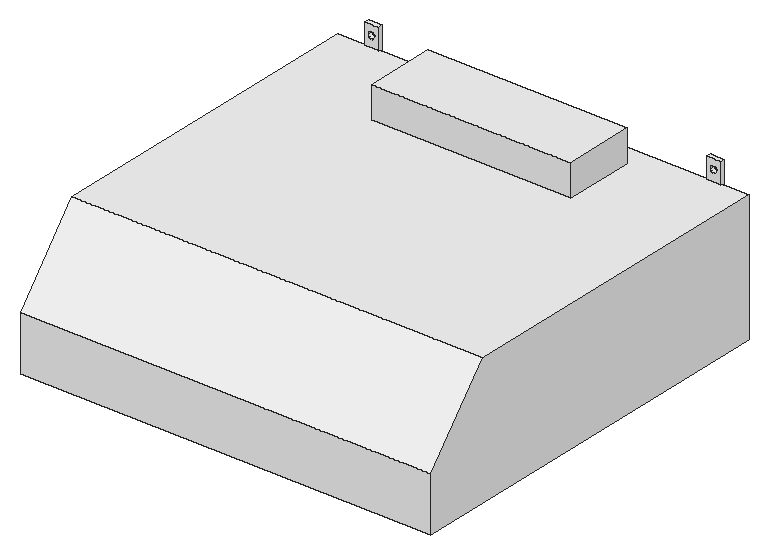
Revit family "v-316ky7_50Hz", category 機械設備, Revit 2019
Family settings
  丸型コネクタ寸法 = 直径を使用
  パーツ タイプ = 標準
  OmniClass 番号 = 23.75.35.17.27
  OmniClass タイトル = Centrifugal Fans
  作業面ベース = いいえ
  常に垂直 = はい
  ロード時にボイドで切り取り = いいえ
  共有 = いいえ
  部屋計算ポイント = いいえ
Parameters (values of type "V-316KY7")
  騒音レベル(dB(A)) = 46.5
  風量 = 590.0 m³/h
  電源種別 [instance] = ""
  電圧 = 100 V
  電動機出力 = 0 W
  電動機_種別 = ""
  集中コントローラ = ""
  運転質量 = 0.00 kg
  連動 [instance] = ""
  質量 = if(製品質量 > 運転質量, 製品質量, 運転質量) * 1.2  # 14.40 kg
  負荷分類 = 3_ファン類
  説明 = "レンジフードファン 浅形 標準タイプ"
  設計風量 = 0.0 m³/h
  設置方法 = "天吊"
  記号 [instance] = ""
  製造元 = "三菱電機株式会社"
  製品質量 = 12.00 kg
  製品出荷対象 = "国内"
  製品リリース年月 = "2022年6月1日"
  製品グループ = ""
  系統 [instance] = ""
  符号 = if(☑給気／□排気, "FS", "FE")  # "FE"
  積算_科目 = "2 換気設備"
  積算_拾い区分 [instance] = ""
  相 = 1
  盤記号 [instance] = ""
  発停方法 [instance] = ""
  特殊仕様 [instance] = ""
  火災停止 [instance] = ""
  消費電力 = 72 W
  法定耐用年数 = "15"
  機外静圧_排気 = 210.0 Pa
  機外静圧 = 0.0 Pa
  極数 = 2
  材質 [instance] = ""
  操作・制御方式 = ""
  操作・制御スイッチ = ""
  排気量 = 0.0 m³/h
  形式 = "片吸込形"
  幹線記号 [instance] = ""
  対象室 [instance] = ""
  実風量 = 0.0 m³/h
  始動方式 [instance] = "直入"
  天吊用穴_D3 = 336 mm
  天吊用穴_D2 = 310 mm
  天吊用穴_D1 = 15 mm
  天吊用穴_ピッチ = 500 mm
  外気量 = 0.0 m³/h
  呼称 = "遠心送風機"
  周波数 = 50 Hz
  取付金具_穴位置 = 16 mm
  取付金具_径 = 10 mm
  取付金具_ピッチ = 500 mm
  取付金具_H = 30 mm
  取付金具_Depth = 6 mm
  参照している仕様書等のバージョン = ""
  分類コード = "50052503100060"
  分類グループ = ""
  価格 = 61700
  企業コード = "108420"
  付属品_フィルター_還気 = ""
  付属品_フィルター = ""
  付属品 [instance] = ""
  仕様書バージョン = "Version1.0"
  モデル = "V-316KY7"
  マテリアル = 鋼板(白)
  ファンの種類 = ""
  ダクト高 = 102 mm
  ダクト幅 = 291 mm
  コメント [instance] = ""
  Keynote = ""
  Assembly Code = ""
  ☑給気／□排気 = no
  Width = 600 mm
  W1 = Width / 2  # 300 mm
  Version = ""
  Uniclass2015Version = "Systems v1.9"
  Uniclass2015Title = "Centrifugal fans"
  Uniclass2015Code = "Pr_65_67_29_12"
  URL = "https://www.mitsubishielectric.co.jp/ldg/wink/ssl/displayProduct.do?pid=320500"
  SpecificationReference = ""
  SpecificationDescription = ""
  Revision = ""
  ProductInformation = ""
  OmniClassCode = "23-33 31 19 13 15"
  MIN風量 = 360.0 m³/h
  MIN静圧 = 0.0 Pa
  MID風量 = 0.0 m³/h
  MID静圧 = 0.0 Pa
  MAX風量 = 590.0 m³/h
  MAX静圧 = 0.0 Pa
  IfcTypeProduct = ""
  IfcProduct = ""
  IfcExportType = "CENTRIFUGALFORWARDCURVED"
  IfcExportAs = "IfcFanType"
  Height = 190 mm
  H1 = 110 mm
  EAダクト接続口_後部 = not(EAダクト接続口_上部)  # no
  EAダクト接続口_上部 = yes
  EAサイズ_W = 291 mm
  EAサイズ_D = 102 mm
  Duct_Height = 46 mm
  Duct_H = 91 mm
  Duct_D = 80 mm
  Depth = 580 mm
  D1 = 95 mm
  Clearance Top = 0 mm
  Clearance Right = 0 mm
  Clearance Left = 0 mm
  Clearance Front = 0 mm
  Clearance Bottom = 0 mm
  Clearance Back = 0 mm
  Author = "三菱電機株式会社"
Reference planes
  plane 1 "中心(正面/背面)": y = 0
  plane 2: z = 0
  plane 3 "中心(左/右)": x = 0
  plane 4: x = -300
  plane 5: x = 300
  plane 6: y = -580
  plane 7: z = -190
  plane 8: z = -110
  plane 9: z = 46
  plane 10: y = -290
  plane 11: y = -485
  plane 12: y = -80
  plane 13: x = -250
  plane 14: x = 250
  plane 15: y = -15
  plane 16: x = -150
  plane 17: x = 150
  plane 18: z = 30
  plane 19: z = 16
  plane 20: x = -250
  plane 21: x = -260
  plane 22: x = -240
  plane 23: x = 250
  plane 24: x = 260
  plane 25: x = 240
  plane 26: y = 6
  plane 27: y = -29
  plane 28: y = -131
  plane 29: z = -91
  plane 30: z = -40
  plane 31: z = -142
  plane 32: y = 46
  plane 33: y = -325
  plane 34: y = -351
  plane 35: x = -145.5
  plane 36: x = 145.5
Forms (mm)
  Extrusion 1, solid, material "鋼板(白)" <- "マテリアル", detail levels fine
    sketch origin (0, 0, 0) x (1, 0, 0) y (0, 1, 0)
      loop
        line (-300, 0) -> (-300, -485) -> (300, -485) -> (300, 0) -> (-300, 0)
    from -190 to 0
  Blend 2, solid, material "鋼板(白)" <- "マテリアル", detail levels fine
    base sketch origin (0, 0, 0) x (1, 0, 0) y (0, 0, 1)
      loop
        line (-300, -190) -> (300, -190) -> (300, 0) -> (-300, 0) -> (-300, -190)
    top sketch origin (0, 0, 0) x (1, 0, 0) y (0, 0, 1)
      loop
        line (-300, -190) -> (300, -190) -> (300, -110) -> (-300, -110) -> (-300, -190)
    from 485 to 580
  Extrusion 3, solid, material "鋼板(白)" <- "マテリアル", visible <- "EAダクト接続口_上部", detail levels fine
    sketch origin (0, 0, 0) x (1, 0, 0) y (0, 1, 0)
      loop
        line (-145.5, -29) -> (-145.5, -131) -> (145.5, -131) -> (145.5, -29) -> (-145.5, -29)
    from 0 to 46
  Extrusion 4, solid, material "鋼板(白)" <- "マテリアル"
    sketch origin (0, 0, 0) x (1, 0, 0) y (0, 0, 1)
      loop
        line (-260, 30) -> (-260, -190) -> (-240, -190) -> (-240, 30) -> (-260, 30)
      loop
        line (240, 30) -> (240, -190) -> (260, -190) -> (260, 30) -> (240, 30)
      loop
        circle (250, 16) r 5
      loop
        circle (-250, 16) r 5
    from -6 to 0
  Extrusion 5, solid, material "鋼板(白)" <- "マテリアル", visible <- "EAダクト接続口_後部"
    sketch origin (0, 0, 0) x (1, 0, 0) y (0, 0, 1)
      loop
        line (-145.5, -40) -> (-145.5, -142) -> (145.5, -142) -> (145.5, -40) -> (-145.5, -40)
    from -46 to 0
Cuts and joins
  joined: Extrusion 1, Blend 2
Lines and regions (mm)
  Masking region 1, detail levels coarse+medium
    outline origin (1326.5, 29, 0) x (1, 0, 0) y (0, 1, 0)
      loop
        line (-1626.5, -29) -> (-1626.5, -609) -> (-1026.5, -609) -> (-1026.5, -29) -> (-1626.5, -29)
  symbolic lines, detail levels coarse+medium
    curve 1: circle (-150, -290, 0) r 150 normal (0, 0, 1)
    curve 2: circle (150, -290, 0) r 150 normal (0, 0, 1)
Dimensions and locks
  equal spacing: plane 4, plane 3 "中心(左/右)", plane 5
  "Width": plane 4 to plane 5
  equal spacing: plane 6, plane 10, plane 1 "中心(正面/背面)"
  "Depth": plane 1 "中心(正面/背面)" to plane 6
  "Duct_D": plane 1 "中心(正面/背面)" to plane 12
  "Height": level to plane 7
  "Duct_Height": plane 9 to level
  equal spacing: plane 13, plane 3 "中心(左/右)", plane 14
  "天吊用穴_ピッチ": plane 13 to plane 14
  "天吊用穴_D1": plane 1 "中心(正面/背面)" to plane 15
  equal spacing: plane 4, plane 16, plane 3 "中心(左/右)"
  equal spacing: plane 3 "中心(左/右)", plane 17, plane 5
  "D1": plane 11 to plane 6
  "H1": level to plane 8
  "取付金具_H": plane 18 to level
  "取付金具_穴位置": plane 19 to level
  equal spacing: plane 22, plane 20, plane 21
  locked: plane 22 to plane 21 at 20
  equal spacing: plane 25, plane 23, plane 24
  locked: plane 25 to plane 24 at 20
  equal spacing: plane 23, plane 3 "中心(左/右)", plane 20
  "取付金具_ピッチ": plane 23 to plane 20
  "取付金具_Depth": plane 26 to plane 1 "中心(正面/背面)"
  equal spacing: plane 27, plane 12, plane 28
  "EAサイズ_D": plane 27 to plane 28
  "Duct_H": level to plane 29
  equal spacing: plane 30, plane 29, plane 31
  "EAサイズ_D": plane 30 to plane 31
  "Duct_Height": plane 1 "中心(正面/背面)" to plane 32
  "天吊用穴_D2": plane 15 to plane 33
  "天吊用穴_D3": plane 15 to plane 34
  equal spacing: plane 35, plane 3 "中心(左/右)", plane 36
  "EAサイズ_W": plane 35 to plane 36
  "W1": diameter of curve 1
  "W1": diameter of curve 2
  "取付金具_径": diameter of Extrusion 4 sketch curve  (x2)
  aligned and locked: level to plane 2
  aligned and locked: Masking region 1 to plane 4
  aligned and locked: plane 5 to Masking region 1
  aligned and locked: Masking region 1 to plane 6
  aligned and locked: Masking region 1 to plane 1 "中心(正面/背面)"
  aligned and locked: plane 1 "中心(正面/背面)" to Extrusion 1 sketch curve
  aligned and locked: plane 4 to Extrusion 1 sketch curve
  aligned and locked: plane 11 to Extrusion 1 sketch curve
  aligned and locked: Extrusion 1 sketch curve to plane 5
  aligned and locked: Blend 2 sketch curve to plane 7  (x2)
  aligned and locked: level to Blend 2 sketch curve
  aligned and locked: plane 5 to Blend 2 sketch curve
  aligned and locked: Blend 2 sketch curve to plane 4
  aligned and locked: var sketch to Blend 2 sketch curve
  aligned and locked: Extrusion 1 to plane 7
  aligned and locked: level to Extrusion 1
  aligned and locked: Blend 2 to plane 6
  aligned and locked: plane 11 to Blend 2
  aligned and locked: plane 9 to Extrusion 3
  aligned and locked: Extrusion 3 to level
  aligned and locked: plane 8 to Blend 2 sketch curve
  aligned and locked: nested 1 to plane 15
  aligned and locked: plane 13 to nested 1
  aligned and locked: plane 14 to nested 1
  aligned and locked: Extrusion 4 sketch curve to plane 18  (x2)
  aligned and locked: plane 21 to Extrusion 4 sketch curve
  aligned and locked: plane 22 to Extrusion 4 sketch curve
  aligned and locked: plane 7 to Extrusion 4 sketch curve  (x2)
  aligned and locked: plane 25 to Extrusion 4 sketch curve
  aligned and locked: plane 24 to Extrusion 4 sketch curve
  aligned and locked: plane 26 to Extrusion 4
  aligned and locked: plane 1 "中心(正面/背面)" to Extrusion 4
  aligned and locked: Extrusion 3 sketch curve to plane 27
  aligned and locked: Extrusion 3 sketch curve to plane 28
  aligned and locked: plane 30 to Extrusion 5 sketch curve
  aligned and locked: plane 31 to Extrusion 5 sketch curve
  aligned and locked: plane 32 to Extrusion 5
  aligned and locked: plane 1 "中心(正面/背面)" to Extrusion 5
  aligned and locked: plane 13 to nested 2
  aligned and locked: nested 2 to plane 33
  aligned and locked: plane 14 to nested 2
  aligned and locked: nested 3 to plane 34
  aligned and locked: plane 13 to nested 3
  aligned and locked: plane 14 to nested 3
  aligned and locked: plane 35 to Extrusion 3 sketch curve
  aligned and locked: plane 36 to Extrusion 3 sketch curve
  aligned and locked: plane 35 to Extrusion 5 sketch curve
  aligned and locked: plane 36 to Extrusion 5 sketch curve
Automatic sketch dimensions
  curve 1 to plane 10 = 0 mm
  curve 1 to plane 16 = 0 mm
  curve 2 to plane 10 = 0 mm
  curve 2 to plane 17 = 0 mm
  Extrusion 4 sketch curve to plane 19 = 0 mm  (x2)
  Extrusion 4 sketch curve to plane 20 = 0 mm
  plane 23 to Extrusion 4 sketch curve = 0 mm
  Masking region 1 sketch curve to plane 4 = 0 mm
  Masking region 1 sketch curve to plane 5 = 0 mm
  Masking region 1 sketch curve to plane 6 = 0 mm
  plane 1 "中心(正面/背面)" to Masking region 1 sketch curve = 0 mm
  Blend 2 sketch curve to plane 4 = 0 mm
Nested families
  nested 1: "固定点" at (-250, -15, 0), type "固定点"
    with W 500 mm, D 1000 mm
  nested 2: "固定点" at (-250, -325, 0), type "固定点"
    with W 500 mm, D 1000 mm
  nested 3: "固定点" at (-250, -351, 0), type "固定点"
    with W 500 mm, D 1000 mm
Connectors
  hvac at (0, -80, 46), driven by "ダクト幅", driven by "機外静圧", driven by "風量", driven by "ダクト高", driven by "ダクト幅"
    settings: on Extrusion 3, index 1, duct flow 590.0 m³/h, flow factor 0, pres drop 0.0 Pa, loss coef 0, conn angle 0.00°, conn width 291 mm, conn height 102 mm, conn diameter 291 mm, duct sys type 3, conn prof type 1, flow config 0, flow direction 2, loss method 4, conn ref index -1, conn util no, is conn primary yes, conn desc ""
  electrical at (0, -242.5, 0), driven by "極数", driven by "負荷分類", driven by "電圧", driven by "消費電力"
    settings: on cut or joined group of Extrusion 1, Blend 2, index 3, voltage 100 V, apparent load 72 VA, apparent load phase1 0 VA, apparent load phase2 0 VA, apparent load phase3 0 VA, power factor 1, load classification "3_ファン類", number of poles 2, system type 30, power factor state 1, is connector primary yes, connector utility no, sub classification motor no, connector description ""
  hvac at (0, 46, -91), driven by "ダクト高", driven by "ダクト幅", driven by "機外静圧", driven by "風量"
    settings: on Extrusion 5, index 5, duct flow 590.0 m³/h, flow factor 0, pres drop 0.0 Pa, loss coef 0, conn angle 0.00°, conn width 291 mm, conn height 102 mm, conn diameter 609.6 mm, duct sys type 3, conn prof type 1, flow config 0, flow direction 2, loss method 4, conn ref index -1, conn util no, is conn primary no, conn desc ""
Definition of nested family "固定点"
  Parameters (values of type "固定点")
    中心円 = 20 mm
    W [instance] = 1000 mm
    D [instance] = 1000 mm
  Reference planes
    plane 1 "中心(正面/背面)": y = 0
    plane 2: z = 0
    plane 3 "中心(左/右)": x = 0
    plane 4: x = 1000
  Lines and regions (mm)
    symbolic lines, detail levels fine
      curve 1: circle (0, 0, 0) r 10 normal (0, 0, 1)
      curve 2: circle (1000, 0, 0) r 10 normal (0, 0, 1)
      curve 3: line (-200, 0, 0) -> (1200, 0, 0)
      curve 4: line (0, 200, 0) -> (0, -200, 0)
      curve 5: line (1000, 200, 0) -> (1000, -200, 0)
  Dimensions and locks
    "W": plane 3 "中心(左/右)" to plane 4
    "中心円": diameter of curve 1
    "中心円": diameter of curve 2
    aligned and locked: level to plane 2
    aligned and locked: plane 3 "中心(左/右)" to curve 1
    aligned and locked: plane 1 "中心(正面/背面)" to curve 1
    aligned and locked: plane 1 "中心(正面/背面)" to curve 2
    aligned and locked: plane 4 to curve 2
    aligned and locked: plane 1 "中心(正面/背面)" to curve 3
    aligned and locked: curve 4 to plane 3 "中心(左/右)"
    aligned and locked: curve 5 to plane 4
  Automatic sketch dimensions
    curve 3 to plane 3 "中心(左/右)" = 200 mm
    curve 2 to curve 3 = 200 mm
    plane 1 "中心(正面/背面)" to curve 4 = 200 mm
    plane 1 "中心(正面/背面)" to curve 5 = 200 mm
    curve 5 to plane 1 "中心(正面/背面)" = 200 mm
    curve 4 to plane 1 "中心(正面/背面)" = 200 mm
